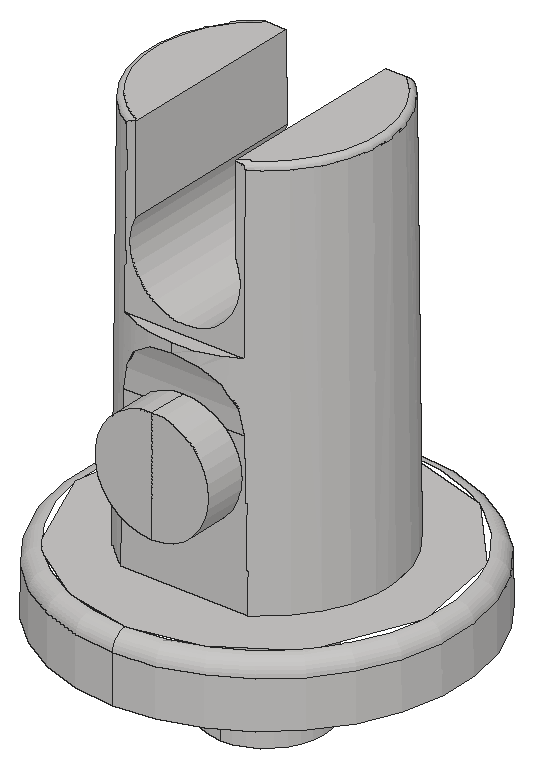
Revit family "Grohe_WallUnion_286282431", category Plumbing Fixtures, host Face, Revit 2020
Family settings
  Host = Face
  Round Connector Dimension = Use Diameter
  Part Type = Normal
  OmniClass Number = 23.45.05.00
  OmniClass Title = Sanitary Equipment
  Cut with Voids When Loaded = No
  Shared = No
  Room Calculation Point = No
Parameters (values of type "Wall Union (286282431)")
  _ObjectUserGuide = "https://www.bimstore.co/products/grohe-286282431/document/object-user-guide"
  _DistributedBy = "https://www.bimstore.co/"
  _CurrentRevision = 1
  _CreatedBy = "https://www.bimstore.co/"
  _BimSpecGuid = 0
  _BSBibleVersion = 17
  _AuthorizedBy = "bimstore"
  _Author = "RL 171"
  WarrantyStartDate [instance] = "Please Record on Commissioning"
  WarrantyGuarantorParts = "info-uk@grohe.com"
  WarrantyGuarantorLabor = "info-uk@grohe.com"
  WarrantyDurationUnit = "Years"
  WarrantyDurationParts = "0"
  WarrantyDurationLabor = "0"
  WarrantyDescription = "n/a"
  URL = "https://www.grohe.co.uk/en_gb/-286282431.html"
  TypeName = "Wall Union"
  Type Comments = "Wall Union"
  TPIDocumentLink = "https://cdn.cloud.grohe.com/tpi/2000/2200/2200/2208/2208654/original/2208654.pdf"
  SustainabilityReport = "green.grohe.com/reporting"
  SustainabilityAward = "green.grohe.com/awards"
  SpareParts = "info-uk@grohe.com"
  Size = "n/a"
  Shape = "n/a"
  SerialNumber [instance] = "Please Record on Commissioning"
  ReplacementCost = "n/a"
  ReferencedStandard = "n/a"
  ProductionYear = "2023"
  ProductType = ""
  ProductShortText = "Wall union"
  ProductNumber = "286282431"
  ProductDescription = "shower outlet elbow 1/2\"\r\n\r\nwith wall shower holder\r\n\r\nmale thread\r\n\r\nGROHE Long-Life finish\r\n\r\nprofessional exclusive"
  PrimaryMaterial = Grohe_Chrome
  PQDiagramLink = "n/a"
  NominalLength = 0 mm
  NominalHeight = 0 mm
  NominalDepth = 0 mm
  NBSReference = "45-35-70/348"
  NBSOfficeMasterTag = "n/a"
  NBSObjectName = "Grohe - Mixer taps"
  NBSNote = "n/a"
  NBSDescription = "Mixer taps"
  ModelReference = "Wall Union"
  ModelNumber = "286282431"
  Model = "Wall Union"
  Material = "n/a"
  ManufacturerName = "Grohe"
  Manufacturer = "Grohe"
  Keynote = "N16"
  InstallationVideo = "n/a"
  InstallationDate [instance] = "Please Record on Commissioning"
  IfcExportType = "IfcPipeFittingType"
  IfcExportAs = "IfcPipeFitting"
  Grade = "n/a"
  GROHESustainability = "green.grohe.com"
  GROHESocialCommittment = "green.grohe.com/social_engagement"
  FullRecyclabilityOfPlastic = "All plastic components are fully recycable"
  Finish = "Chrome"
  Features = "n/a"
  ExpectedLife = 0
  Ecojoy = no
  DurationUnit = "Years"
  DocumentationTechnical = "https://www.bimstore.co/products/grohe-286282431/document/technical-data-sheet"
  DocumentationMaintenance = "https://www.bimstore.co/products/grohe-286282431/document/maintenance-information"
  DocumentationLiterature = "https://www.bimstore.co/products/grohe-286282431/document/product-literature"
  DocumentationInstallationGuide = "https://www.bimstore.co/products/grohe-286282431/document/installation-guide"
  DocumentationCertificates = "https://www.bimstore.co/products/grohe-286282431/document/product-certificates"
  DimensionsDocumentLink = "https://cdn.cloud.grohe.com/dimdraw/100000/100000/100000/100300/100320/100326/100326910/1280/100326910.jpg"
  Description = "Wall Union"
  Default Elevation = 0 mm
  CreatedOn = "2023-12-05T:09:00:00"
  CreatedBy = "info-uk@grohe.com"
  CradleToCradleCertification = "n/a"
  Cost = 0
  Constituents = "n/a"
  Color = "Grohe_Chrome"
  CodePerformance = "n/a"
  ClassificationValue = "Pr_40_20_87_55"
  ClassificationName = "Uniclass2015"
  CO2NeutralProduction = "GROHE is one of the first leading manufacturer within the sanitary industry having a CO2-neutral production."
  BarCode [instance] = "Please Record on Commissioning"
  BIMObjectName = "Grohe_WallUnion_286282431"
  AssetType = "Fixed"
  AssetIdentifier [instance] = "n/a"
  Assembly Code = "D2013"
  AccessibilityPerformance = "n/a"
Reference planes
  plane 1 "Center (Front/Back)": y = 0
  plane 2: z = 0
  plane 3 "Center (Left/Right)": x = 0
Forms (mm)
  Revolve 1, solid, material "Grohe_Chrome" <- "PrimaryMaterial"
    sketch origin (0, 0, 0) x (0, 1, 0) y (0, 0, 1)
      loop
        line (0, -16.517) -> (10.408, -16.517) -> (10.408, 0) -> (35.004, 0) -> (34.93, 8.526)
        arc (34.93, 8.526) -> (34.042, 10.631) -> (31.93, 11.5) r 3
        line (31.93, 11.5) -> (21.954, 11.5) -> (21.273, 83.509)
        arc (21.273, 83.509) -> (20.977, 84.21) -> (20.273, 84.5) r 1
        line (20.273, 84.5) -> (0, 84.5) -> (0, -16.517)
      axis (0, 84.5) -> (0, -16.517)
    angle from 0 to 360
  Extrusion 2, void
    sketch origin (0, 0, 0) x (0, 1, 0) y (0, 0, 1)
      loop
        arc (15.92, 51.132) -> (16.775, 47.174) -> (19.129, 43.88) r 10
        line (19.129, 43.88) -> (23.196, 39.812) -> (23.196, 86.028) -> (15.615, 86.028) -> (15.92, 51.132)
      loop
        line (-18.596, 53) -> (-18.308, 86.028) -> (-23.752, 86.028) -> (-23.752, 11.5) -> (-18.687, 11.5) -> (-18.687, 40.5)
        arc (-18.687, 40.5) -> (-19.67, 47.039) -> (-22.533, 53) r 22.235
        line (-22.533, 53) -> (-18.596, 53)
    from -25 to 25
  Revolve 3, solid, material "Grohe_Chrome" <- "PrimaryMaterial"
    sketch origin (0, 0, 0) x (0, 1, 0) y (0, 0, 1)
      loop
        line (-25.996, 43.675) -> (-25.996, 33.325) -> (-7.996, 33.325) -> (-7.996, 43.675) -> (-25.996, 43.675)
      axis (-7.996, 33.325) -> (-25.996, 33.325)
    angle from 0 to 360
  Extrusion 4, void
    sketch origin (0, 0, 0) x (1, 0, 0) y (0, 0, 1)
      loop
        arc (-9.05, 68.888) -> (0, 54.634) -> (9.05, 68.888) r 10
        line (9.05, 68.888) -> (9.05, 85.365) -> (-9.05, 85.365) -> (-9.05, 68.888)
    from -20 to 20
Cuts and joins
  Extrusion 2, Extrusion 4 cuts Revolve 1
  joined: Revolve 1, Revolve 3
Dimensions and locks
  aligned and locked: plane 2 to host face
  aligned and locked: level to host face
